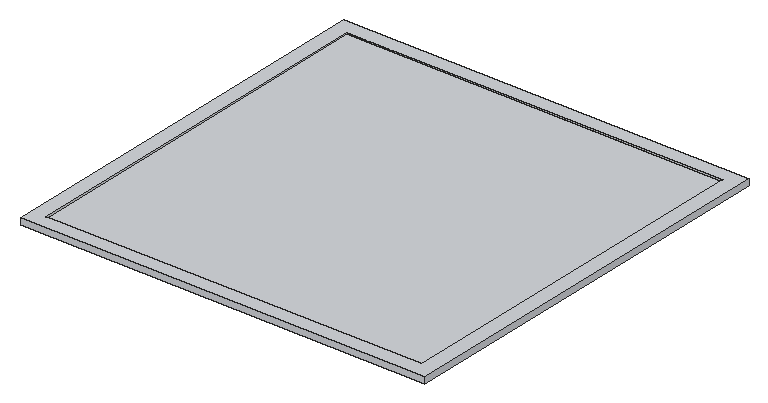
Revit family "0041236", category Lighting Fixtures, host Face, Revit 2017
Family settings
  Host = Face
  Round Connector Dimension = Use Diameter
  Part Type = Normal
  OmniClass Number = 23.80.70.00
  OmniClass Title = Lighting
  Cut with Voids When Loaded = No
  Light Source = Yes
  Shared = No
  Room Calculation Point = No
Parameters (values of type "0041236 START PANEL UGR19 600 4000LM 940 LILO")
  Weight = "93.6 kg"
  Wattage Comments = ""
  Wattage = 43 W
  WarrantyStartDate [instance] = "n/a"
  WarrantyGuarantorParts = "n/a"
  WarrantyDurationUnit = "n/a"
  WarrantyDurationParts = "n/a"
  WarrantyDescription = "n/a"
  WIDTH_SYL = 297.5 mm
  built-in parameter 1150110 = 1 (stored number, unit not read)
  Voltage = 0 V
  URL = "http://www.sylvania-lighting.com"
  TypeName = "START Panel UGR19 600x600 4000lm 940 LILO"
  Type Image = <None>
  Type Comments = "n/a"
  built-in parameter 1114217 = 1 (stored number, unit not read)
  Tilt Angle = -90.00°
  built-in parameter 1150109 = 1 (stored number, unit not read)
  built-in parameter 1150134 = 12
  TOPWIDTH_SYL = 245 mm
  built-in parameter 1150113 = 1 (stored number, unit not read)
  SerialNumber [instance] = "n/a"
  Photometric Web File = "0041236.ies"
  Material_3_SYL = none
  PowerFactor = 0.9
  PowerConsumption = "43 W"
  NominalLength = 595 mm
  NominalHeight = 35 mm
  NominalDepth = 595 mm
  Name = "START Panel UGR19 600x600 4000lm 940 LILO"
  ModelReference = Name  # "START Panel UGR19 600x600 4000lm 940 LILO"
  ModelNumber = "0041236"
  Model = Name  # "START Panel UGR19 600x600 4000lm 940 LILO"
  Material = "aluminium,steel housing, other diffuser"
  ManufacturerName = "Feilo Sylvania"
  Manufacturer = "Feilo Sylvania"
  MAINHEIGHT_SYL = 63 mm
  LuminousEfficacy = "93 lm/W"
  built-in parameter 1150105 = 1977.9 (stored number, unit not read)
  Lumens = 3999 lm
  LuminaireType = ""
  built-in parameter 1150115 = 1 (stored number, unit not read)
  LightOutputRatio = "n/a"
  built-in parameter 1150137 = (empty or 0)
  built-in parameter 1150139 = (empty or 0)
  LampsType = Lamp  # "LED"
  LampNominalLuminous = "4000 lm"
  LampMacAdamStep = "3"
  LampColourTemperature = "4000 K"
  LampColourRenderingIndex = "90"
  built-in parameter 1150112 = 1 (stored number, unit not read)
  built-in parameter 1150114 = 1 (stored number, unit not read)
  Lamp = "LED"
  LUMWIDTH_SYL = 276.5 mm
  LUMDEPTH_SYL = 276.5 mm
  Keynote = "16500"
  InstallationDate [instance] = "n/a"
  InputVoltage = "n/a"
  InputNominalFrequency = "n/a"
  built-in parameter 1150132 = (empty or 0)
  built-in parameter 1150102 = (empty or 0)
  built-in parameter 1150107 = 4000 (stored number, unit not read)
  built-in parameter 1150138 = (empty or 0)
  IngressProtection = "IP40/20"
  ImpactProtectionIndex = "IK03"
  built-in parameter 1150106 = 19.779 (stored number, unit not read)
  IfcExportType = "IfcLightFixtureType"
  IfcExportAs = "IfcLightFixtureType"
  HEIGHT_SYL = 33 mm
  HEIGHTBOTT_SYL = 7 mm
  Emit from Circle Diameter = 609.6 mm
  Emit Shape Visible in Rendering = no
  ElectricShockClassification = "Class II"
  built-in parameter 1150104 = 8.64 (stored number, unit not read)
  DocumentationLiterature = "http://www.sylvania-lighting.com/product/en-int/products/0041236"
  DimmingControlOptions = "n/a"
  Material_2_SYL = none
  Dimming Lamp Color Temperature Shift = <None>
  Description = "START Panel is a range of backlit LED panels used in recessed ceilings. Ideal for general indoor appliactions such as corridors, breakrooms, offices and meeting rooms. Luminaire dimensions are compatible with common ceiling installation, and the shallow design makes it easy to install in low ceilings. 4000Lm; 43W; 93Lm/W; Drive current: 950mA; Average life: 50000Hrs; 4000K; CRI 90; Glare control <19; IK03; IP40 (from the front); SDCM<3; Class II; Loop in loop out connector for quick installation."
  Default Elevation = 1219.2 mm
  DEPTH_SYL = 297.5 mm
  CreatedOn = "9/17/2020"
  CreatedBy = "@sylvania-lighting.com"
  Cost = 0
  Color Filter = 16777215
  built-in parameter 1114216 [instance] = (empty or 0)
  ClassificationValue = "EF_70_80"
  ClassificationName = "Uniclass2015"
  Material_1_SYL = none
  BarCode [instance] = "n/a"
  built-in parameter 1114218 = 1 (stored number, unit not read)
  BOX_WIDTH_SYL = 40 mm
  built-in parameter 1150133 = 10 (stored number, unit not read)
  AssetType = "Fixed"
  AssetIdentifier [instance] = "n/a"
  Assembly Code = "D5020200"
  Apparent Load = 43 VA
  Material_4_SYL = none
  -LUMDEPTH_SYL = LUMDEPTH_SYL * (-1)  # -276.5 mm
Types (2, lengths in mm): name | Wattage | TypeName | Photometric Web File | PowerConsumption | Name | ModelReference | ModelNumber | Model | LuminousEfficacy | built-in parameter 1150105 | Lumens | LampNominalLuminous | built-in parameter 1150106 | built-in parameter 1150104 | DocumentationLiterature | Description | Apparent Load
  0041235 START PANEL UGR19 600 3500LM 940 LILO | 36 W | "START Panel UGR19 600x600 3500lm 940 LILO" | "0041235.ies" | "36 W" | "START Panel UGR19 600x600 3500lm 940 LILO" | "START Panel UGR19 600x600 3500lm 940 LILO" | "0041235" | "START Panel UGR19 600x600 3500lm 940 LILO" | "97 lm/W" | 1727.6 (stored number, unit not read) | 3492 lm | "3500 lm" | 17.276 (stored number, unit not read) | 9.0116 (stored number, unit not read) | "http://www.sylvania-lighting.com/product/en-int/products/0041235" | "START Panel is a range of backlit LED panels used in recessed ceilings. Ideal for general indoor appliactions such as corridors, breakrooms, offices and meeting rooms. Luminaire dimensions are compatible with common ceiling installation, and the shallow design makes it easy to install in low ceilings. 3500Lm; 36W; 97Lm/W; Drive current: 750mA; Average life: 50000Hrs; 4000K; CRI 90; Glare control <19; IK03; IP40 (from the front); SDCM<3; Class II; Loop in loop out connector for quick installation." | 36 VA
  0041236 START PANEL UGR19 600 4000LM 940 LILO | 43 W | "START Panel UGR19 600x600 4000lm 940 LILO" | "0041236.ies" | "43 W" | "START Panel UGR19 600x600 4000lm 940 LILO" | "START Panel UGR19 600x600 4000lm 940 LILO" | "0041236" | "START Panel UGR19 600x600 4000lm 940 LILO" | "93 lm/W" | 1977.9 (stored number, unit not read) | 3999 lm | "4000 lm" | 19.779 (stored number, unit not read) | 8.64 (stored number, unit not read) | "http://www.sylvania-lighting.com/product/en-int/products/0041236" | "START Panel is a range of backlit LED panels used in recessed ceilings. Ideal for general indoor appliactions such as corridors, breakrooms, offices and meeting rooms. Luminaire dimensions are compatible with common ceiling installation, and the shallow design makes it easy to install in low ceilings. 4000Lm; 43W; 93Lm/W; Drive current: 950mA; Average life: 50000Hrs; 4000K; CRI 90; Glare control <19; IK03; IP40 (from the front); SDCM<3; Class II; Loop in loop out connector for quick installation." | 43 VA
Reference planes
  plane 1 "Center (Front/Back)": y = 0
  plane 2: z = 0
  plane 3 "Center (Left/Right)": x = 0
  plane 4: x = -297.5
  plane 5: x = 297.5
  plane 6: y = 297.5
  plane 7: y = -297.5
  plane 8: x = 276.5
  plane 9: x = -276.5
  plane 10: y = 276.5
  plane 11: y = -276.5
  plane 12: z = -33
  plane 13: z = -7
  plane 14: x = -245
  plane 15: x = 245
  plane 16: y = -245
  plane 17: y = 245
  plane 18: y = 276.5
  plane 19: y = -276.5
  plane 20: z = -63
  plane 21: x = -40
  plane 22: x = 40
Forms (mm)
  Extrusion 1, solid
    sketch origin (0, 0, 0) x (1, 0, 0) y (0, 1, 0)
      loop
        line (-297.5, 297.5) -> (-297.5, -297.5) -> (297.5, -297.5) -> (297.5, 297.5) -> (-297.5, 297.5)
    from -7 to 2
  Extrusion 2, void
    sketch origin (0, 0, 0) x (1, 0, 0) y (0, 1, 0)
      loop
        line (-276.5, 276.5) -> (-276.5, -276.5) -> (276.5, -276.5) -> (276.5, 276.5) -> (-276.5, 276.5)
    from 0 to 10
  Extrusion 3, solid
    sketch origin (0, 0, 0) x (1, 0, 0) y (0, 0, 1)
      loop
        line (-276.5, -7) -> (-245, -33) -> (245, -33) -> (276.5, -7) -> (-276.5, -7)
    from -276.5 <- "-LUMDEPTH_SYL" to 276.5 <- "LUMDEPTH_SYL"
  Extrusion 4, void
    sketch origin (319, 1524, 1219.2) x (0, 1, 0) y (0, 0, 1)
      loop
        line (-1279, -1252.2) -> (-1247.5, -1252.2) -> (-1247.5, -1226.2) -> (-1279, -1252.2)
      loop
        line (-1800.5, -1226.2) -> (-1800.5, -1252.2) -> (-1769, -1252.2) -> (-1800.5, -1226.2)
    from -1000 to 1000
Cuts and joins
  Extrusion 2 cuts Extrusion 1
  Extrusion 4 cuts Extrusion 3
Dimensions and locks
  "WIDTH_SYL": plane 4 to plane 3 "Center (Left/Right)" to plane 5
  "DEPTH_SYL": plane 7 to plane 1 "Center (Front/Back)" to plane 6
  "LUMWIDTH_SYL": plane 9 to plane 3 "Center (Left/Right)" to plane 8
  "LUMDEPTH_SYL": plane 11 to plane 1 "Center (Front/Back)" to plane 10
  "HEIGHT_SYL": host face to plane 12
  "HEIGHTBOTT_SYL": host face to plane 13
  "TOPWIDTH_SYL": plane 14 to imposter light to plane 15
  "TOPWIDTH_SYL": plane 17 to imposter light to plane 16
  "LUMWIDTH_SYL": plane 18 to imposter light to plane 19
  "MAINHEIGHT_SYL": host face to plane 20
  "BOX_WIDTH_SYL": plane 21 to imposter light to plane 22
  aligned and locked: plane 2 to host face
  aligned and locked: level to host face
  aligned and locked: plane 6 to Extrusion 1 sketch curve
  aligned and locked: plane 4 to Extrusion 1 sketch curve
  aligned and locked: Extrusion 1 sketch curve to plane 7
  aligned and locked: Extrusion 1 sketch curve to plane 5
  aligned and locked: plane 10 to Extrusion 2 sketch curve
  aligned and locked: Extrusion 2 sketch curve to plane 9
  aligned and locked: Extrusion 2 sketch curve to plane 11
  aligned and locked: plane 8 to Extrusion 2 sketch curve
Automatic sketch dimensions
  host sketch curve to host sketch curve = 2438.4 mm  (x2)
  plane 9 to Extrusion 3 sketch curve = 0 mm
  Extrusion 3 sketch curve to plane 12 = 0 mm
  plane 14 to Extrusion 3 sketch curve = 0 mm
  plane 15 to Extrusion 3 sketch curve = 0 mm
  plane 8 to Extrusion 3 sketch curve = 0 mm
  Extrusion 3 sketch curve to plane 13 = 0 mm
  Extrusion 4 sketch curve to plane 11 = 0 mm
  plane 12 to Extrusion 4 sketch curve = 0 mm  (x2)
  Extrusion 4 sketch curve to plane 16 = 0 mm
  Extrusion 4 sketch curve to plane 17 = 0 mm
  Extrusion 4 sketch curve to plane 10 = 0 mm
  plane 13 to Extrusion 4 sketch curve = 0 mm  (x2)
